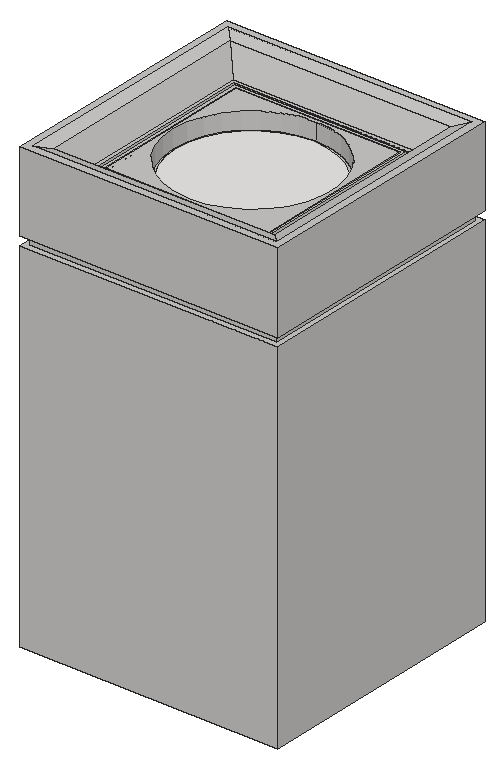
Revit family "Lighting-Luminii-Leto_44_S_MID new", category Lighting Fixtures, host Face, Revit 2020
Family settings
  Host = Face
  Round Connector Dimension = Use Diameter
  Part Type = Normal
  OmniClass Number = 23.80.70.11.14.11
  OmniClass Title = Downlights
  Cut with Voids When Loaded = No
  Light Source = Yes
  Shared = Yes
  Room Calculation Point = No
Parameters (values of type "Leto 44 S MID")
  Width = 0' - 3 189/256"  # constant formula
  Wattage Comments = "6.5W"
  Wattage = 6.49954 W
  Warranty URL = "https://www.luminii.com/terms-conditions/"
  built-in parameter 1150110 = 1 (stored number, unit not read)
  Voltage Comments = "120V | 277V | 347V"  # constant formula
  Voltage = 120 V
  Version = "2020 - v1.0a"  # constant formula
  URL = "https://www.luminii.com/"
  built-in parameter 1114217 = 1 (stored number, unit not read)
  Tilt Angle = -90.00°  # constant formula
  built-in parameter 1150109 = 1 (stored number, unit not read)
  built-in parameter 1150134 = (empty or 0)
  built-in parameter 1150113 = 1 (stored number, unit not read)
  Support Phone = "224-699-9545"  # constant formula
  Support Email = "mailto:support@bimsmith.com"
  Product Page URL = "https://www.luminii.com/product/leto-44-s-mid/"
  Power Source Type = "Driver"  # constant formula
  Power Factor = 1
  Photometric Web File = "704-A90-615-30-15-00.ies"
  Phase = 1
  Operating Temperature = "Consult Manufacturer Website for more Information"  # constant formula
  Number of Poles = if(and(or(Voltage = 120 V, Voltage = 277 V), Phase = 1), 1, if(and(or(Voltage = 208 V, Voltage = 240 V), Phase = 1), 2, if(and(or(Voltage = 208 V, Voltage = 240 V), Phase = 3), 3, if(and(Voltage > 300 V, Phase = 1), 2, if(and(Voltage > 400 V, Phase = 3), 3, 1)))))  # 1
  Mounting Method = "Ceiling Mount"  # constant formula
  Model = "704"  # constant formula
  Manufacturer Phone Number = "403-216-7043"  # constant formula
  Manufacturer Email = "mailto: info@sensolighting.com"
  Manufacturer Address = "302 50 Ave SE. Calgary, Alberta, T2G 2A9 Canada"  # constant formula
  Manufacturer = "Luminii"  # constant formula
  built-in parameter 1150105 = 55.704 (stored number, unit not read)
  Lumens = 700 lm
  Luminaire Type = "Surface Mount LED Downlight"  # constant formula
  built-in parameter 1150115 = 1 (stored number, unit not read)
  Load Classification = Lighting
  built-in parameter 1150137 = (empty or 0)
  built-in parameter 1150139 = (empty or 0)
  Lens Material = Plastic - Luminii - Frosted Lens
  built-in parameter 1150112 = 1 (stored number, unit not read)
  built-in parameter 1150114 = 1 (stored number, unit not read)
  Lamp Life = 1
  Lamp = "LED"  # constant formula
  Keynote = "26 50 00"
  built-in parameter 1150132 = 2
  built-in parameter 1150102 = (empty or 0)
  built-in parameter 1150107 = 3500 (stored number, unit not read)
  Initial Color Comments = "Perfomance based on 3500K Photometric Web File"  # constant formula
  built-in parameter 1150138 = (empty or 0)
  built-in parameter 1150106 = 0.55704 (stored number, unit not read)
  Housing Protection Rating = "Consult Manufacturer Website for more Information"  # constant formula
  Height = 0' - 6 1/2"  # constant formula
  Has Dimming = 1 = 1  # yes
  Has Battery Backup = 0 = 1  # no
  Frequency Comments = ""  # constant formula
  Frequency = 60 Hz
  Finish = Metal - Luminii - Silver Anodized Aluminum
  Environment = "Indoor"  # constant formula
  built-in parameter 1150104 = 10.006 (stored number, unit not read)
  Dimming Type = "Consult Manufacturer Website for more Information"  # constant formula
  Dimming Lamp Color Temperature Shift = <None>
  Description = "Surface Mount LED Downlight"  # constant formula
  Depth = 0' - 3 189/256"  # constant formula
  Default Elevation = 0' - 0"  # constant formula
  Current Amps = 50 A
  Copyright = "©2024 Luminii"  # constant formula
  Control Zone = "Consult Manufacturer Website for more Information"  # constant formula
  Control Type = "Consult Manufacturer Website for more Information"  # constant formula
  Constraints = 1  # constant formula
  Color Filter = 16777215
  built-in parameter 1114216 [instance] = 0  # (empty or 0)
  Canopy Finish = Metal - Luminii - Silver Anodized Aluminum
  built-in parameter 1140040 [instance] = 1 = 1  # 1
  CCT = "3500K"
  built-in parameter 1114218 = 1 (stored number, unit not read)
  built-in parameter 1150133 = 10 (stored number, unit not read)
  Assembly Code = "D5020200"
  Apparent Load = Wattage / Power Factor  # 6.49954 VA
Reference planes (in)
  plane 1 "Center (Front/Back)": y = 0
  plane 2: z = 0
  plane 3 "Center (Left/Right)": x = 0
  plane 4: x = 0
  plane 5: x = 0
  plane 6: y = 1.86914
  plane 7: y = -1.86914
  plane 8 "A": z = 0
  plane 9: z = 6.5
Forms (in)
  Extrusion 1, solid, material "Metal - Luminii - Silver Anodized Aluminum", not visible
    sketch origin (0, 0, 0) x (1, 0, 0) y (0, 1, 0)
      loop
        circle (0, 0) r 0.5
    from 0 to -0.17225
Dimensions and locks (in)
  equal spacing: plane 4, plane 3 "Center (Left/Right)", plane 5
  equal spacing: plane 6, plane 1 "Center (Front/Back)", plane 7
  plane 4 to plane 5 = 0' - 0"
  "Width": plane 6 to plane 7
  "Height": plane 9 to plane 8 "A"
  locked: plane 9 to imposter light at 0.58258
  aligned and locked: plane 2 to host face
  aligned and locked: plane 3 "Center (Left/Right)" to Extrusion 1 sketch curve
  aligned and locked: plane 1 "Center (Front/Back)" to Extrusion 1 sketch curve
  aligned and locked: plane 2 to Extrusion 1  (x2)
  aligned and locked: imposter light to plane 3 "Center (Left/Right)"
  aligned and locked: imposter light to plane 1 "Center (Front/Back)"
  aligned and locked: plane 3 "Center (Left/Right)" to nested 1
  aligned and locked: plane 1 "Center (Front/Back)" to nested 1
  aligned and locked: plane 8 "A" to host face
Automatic sketch dimensions
  host sketch curve to host sketch curve = 8' - 0"  (x2)
  radius of Extrusion 1 sketch curve = 0' - 0 1/2"
Nested families (in)
  nested 1: "Nested - Lamp" at (0, 0, 0), type "Nested - Lamp"
Connectors (in)
  electrical at (0, 0, 0), driven by "Number of Poles", driven by "Load Classification", driven by "Voltage", driven by "Apparent Load", driven by "Power Factor"
    settings: on Extrusion 1, index 1, voltage 120 V, apparent load 6.49954 VA, apparent load phase1 0 VA, apparent load phase2 0 VA, apparent load phase3 0 VA, power factor 1, load classification "Lighting", number of poles 1, system type 30, power factor state 1, is connector primary yes, connector utility no, sub classification motor no, connector description "Power Connection"
Definition of nested family "Nested - Lamp"
  Parameters (values of type "Nested - Lamp")
    Width = 0' - 3.74016"  # constant formula
    Screen Material = none
    Inner Screen = none
    Height = 0' - 6.49606"  # constant formula
    Finish = none
    Default Elevation = 4' - 0"
    Constraint = 3
  Reference planes (in)
    plane 1 "Center (Front/Back)": y = 0
    plane 2: z = 0
    plane 3 "Center (Left/Right)": x = 0
    plane 4: y = 1.87008
    plane 5: y = -1.87008
    plane 6: x = -1.87008
    plane 7: x = 1.87008
    plane 8: z = 6.49606
  Forms (in)
    Extrusion 1, solid
      sketch origin (0, 0, 0) x (1, 0, 0) y (0, 1, 0)
        loop
          line (-48, 48) -> (-48, -48) -> (48, -48) -> (48, 48) -> (-48, 48)
      from 0 to -12
    Sweep 2, solid, material <- "Finish", detail levels medium+fine
      path origin (-0.03362, 1.25, 6.49606) x (0, 1, 0) y (-1, 0, 0)
        loop
          line (0.62008, -1.9037) -> (0.62008, 1.83645) -> (-3.12008, 1.83645) -> (-3.12008, -1.9037) -> (0.62008, -1.9037)
      profile origin (1.87008, 0, 6.49606) x (1, 0, 0) y (0, 0, 1)
        loop
          line (0, -6.49606) -> (0, -1.27953) -> (-0.07874, -1.27953) -> (-0.07874, -1.16142) -> (0, -1.16142) -> (0, 0) -> (-0.10635, 0) -> (-0.27543, -0.05067) -> (-0.47227, -0.3937) -> (-0.53051, -0.3937) -> (-0.54899, -0.60489)
          arc (-0.54899, -0.60489) -> (-0.57675, -0.62619) -> (-0.60039, -0.60039) r 0.0259
          line (-0.60039, -0.60039) -> (-0.63719, -0.33858) -> (-0.68091, -0.33858) -> (-0.72263, -0.3546) -> (-0.72263, -0.79506) -> (-0.21654, -0.79506) -> (-0.21654, -6.29921) -> (-0.07874, -6.29921) -> (-0.07874, -6.49606) -> (0, -6.49606)
    Extrusion 3, solid, material <- "Screen Material"
      sketch origin (0, 0.00018, 5.76097) x (1, 0, 0) y (0, 1, 0)
        loop
          circle (0, 0) r 1.10584
      from 0.14567 to 0.15757
    Extrusion 4, solid, material <- "Finish"
      sketch origin (1.59205, 1.59223, 6.38893) x (0, -1, 0) y (1, 0, 0)
        loop
          circle (1.59205, -1.59205) r 1.14745
        loop
          line (2.78122, -2.78122) -> (2.78122, -0.40289) -> (0.40289, -0.40289) -> (0.40289, -2.78122) -> (2.78122, -2.78122)
      from -0.48228 to -0.23031
    Extrusion 5, solid, material <- "Finish"
      sketch origin (1.59205, 1.59223, 6.38893) x (0, -1, 0) y (1, 0, 0)
        loop
          circle (1.59205, -1.59205) r 1.14745
      from -0.48228 to -0.62795
    Extrusion 6, solid, material <- "Finish"
      sketch origin (-0.03362, 1.25, 8.28705) x (0, 1, 0) y (-1, 0, 0)
        loop
          line (-3.06102, -1.84465) -> (0.56102, -1.84465) -> (0.56102, 1.7774) -> (-3.06102, 1.7774) -> (-3.06102, -1.84465)
        loop
          line (-2.4311, -0.30922) -> (-1.84055, -0.30922)
          arc (-1.84055, -0.30922) -> (-1.61784, -0.40147) -> (-1.52559, -0.62418) r 0.31496
          line (-1.52559, -0.62418) -> (-1.52559, -1.21473)
          arc (-1.52559, -1.21473) -> (-1.25, -1.49032) -> (-0.97441, -1.21473) r 0.27559
          line (-0.97441, -1.21473) -> (-0.97441, -0.62418)
          arc (-0.97441, -0.62418) -> (-0.88216, -0.40147) -> (-0.65945, -0.30922) r 0.31496
          line (-0.65945, -0.30922) -> (-0.0689, -0.30922)
          arc (-0.0689, -0.30922) -> (0.20669, -0.03362) -> (-0.0689, 0.24197) r 0.27559
          line (-0.0689, 0.24197) -> (-0.65945, 0.24197)
          arc (-0.65945, 0.24197) -> (-0.88216, 0.33422) -> (-0.97441, 0.55693) r 0.31496
          line (-0.97441, 0.55693) -> (-0.97441, 1.14748)
          arc (-0.97441, 1.14748) -> (-1.25, 1.42307) -> (-1.52559, 1.14748) r 0.27559
          line (-1.52559, 1.14748) -> (-1.52559, 0.55693)
          arc (-1.52559, 0.55693) -> (-1.61784, 0.33422) -> (-1.84055, 0.24197) r 0.31496
          line (-1.84055, 0.24197) -> (-2.4311, 0.24197)
          arc (-2.4311, 0.24197) -> (-2.70669, -0.03362) -> (-2.4311, -0.30922) r 0.27559
      from -8.1649 to -8.0902
    Extrusion 7, solid, material <- "Finish"
      sketch origin (-0.03362, 1.25, 8.28705) x (0, 1, 0) y (-1, 0, 0)
        loop
          line (-3.06102, -1.84465) -> (0.56102, -1.84465) -> (0.56102, 1.7774) -> (-3.06102, 1.7774) -> (-3.06102, -1.84465)
        loop
          arc (-0.48507, -0.44078) -> (-0.38346, -0.03362) -> (-0.48507, 0.37353) r 0.86654
          arc (-0.48507, 0.37353) -> (-0.58858, 0.40015) -> (-0.62431, 0.29942) r 0.07918
          arc (-0.62431, 0.29942) -> (-0.5412, -0.03362) -> (-0.62431, -0.36667) r 0.7088
          arc (-0.62431, -0.36667) -> (-0.58858, -0.4674) -> (-0.48507, -0.44078) r 0.07918
        loop
          arc (-2.01493, -0.44078) -> (-1.91142, -0.4674) -> (-1.87569, -0.36667) r 0.07918
          arc (-1.87569, -0.36667) -> (-1.9588, -0.03362) -> (-1.87569, 0.29942) r 0.7088
          arc (-1.87569, 0.29942) -> (-1.91142, 0.40015) -> (-2.01493, 0.37353) r 0.07918
          arc (-2.01493, 0.37353) -> (-2.11654, -0.03362) -> (-2.01493, -0.44078) r 0.86654
        loop
          arc (-1.65716, 0.73131) -> (-1.68378, 0.62779) -> (-1.58304, 0.59206) r 0.07918
          arc (-1.58304, 0.59206) -> (-1.25, 0.67518) -> (-0.91696, 0.59206) r 0.7088
          arc (-0.91696, 0.59206) -> (-0.81622, 0.62779) -> (-0.84284, 0.73131) r 0.07918
          arc (-0.84284, 0.73131) -> (-1.25, 0.83292) -> (-1.65716, 0.73131) r 0.86654
        loop
          arc (-1.65716, -0.79856) -> (-1.25, -0.90017) -> (-0.84284, -0.79856) r 0.86654
          arc (-0.84284, -0.79856) -> (-0.81622, -0.69504) -> (-0.91696, -0.65931) r 0.07918
          arc (-0.91696, -0.65931) -> (-1.25, -0.74243) -> (-1.58304, -0.65931) r 0.7088
          arc (-1.58304, -0.65931) -> (-1.68378, -0.69504) -> (-1.65716, -0.79856) r 0.07918
      from -7.77524 to -7.71544
    Sweep 8, solid, material <- "Finish", detail levels coarse
      path origin (-0.03362, 1.25, 6.49606) x (0, 1, 0) y (-1, 0, 0)
        loop
          line (0.62008, -1.9037) -> (0.62008, 1.83645) -> (-3.12008, 1.83645) -> (-3.12008, -1.9037) -> (0.62008, -1.9037)
      profile origin (1.87008, 0, 6.49606) x (1, 0, 0) y (0, 0, 1)
        loop
          line (0, -6.49606) -> (0, 0) -> (-0.10635, 0) -> (-0.68091, -0.17218) -> (-0.68091, -0.79506) -> (-0.21654, -0.79506) -> (-0.21654, -6.29921) -> (-0.07874, -6.29921) -> (-0.07874, -6.49606) -> (0, -6.49606)
  Lines and regions (in)
    reference lines
      curve 1: line (0, 0.18551, 6.0315) -> (0, -0.18551, 6.0315)
  Dimensions and locks (in)
    "Height": plane 8 to Extrusion 1
    equal spacing: plane 4, plane 1 "Center (Front/Back)", plane 5
    "Width": plane 4 to plane 5
    equal spacing: plane 6, plane 3 "Center (Left/Right)", plane 7
    "Width": plane 6 to plane 7
    aligned and locked: plane 2 to Extrusion 1
    aligned and locked: level to Extrusion 1
    aligned and locked: Sweep 2 sketch curve to plane 7
    aligned and locked: plane 6 to Sweep 2 sketch curve
    aligned and locked: Sweep 2 sketch curve to plane 4
    aligned and locked: plane 5 to Sweep 2 sketch curve
  Automatic sketch dimensions
    Extrusion 1 sketch curve to Extrusion 1 sketch curve = 8' - 0"  (x2)
    Sweep 2 sketch curve to plane 8 = 0' - 0"
    profile plane to Sweep 2 sketch curve = 0' - 0"  (x2)
    Sweep 2 sketch curve to Sweep 2 sketch curve = 0' - 0.07874"  (x2)
    profile plane to Sweep 2 sketch curve = 0' - 0.21654"
    Sweep 2 sketch curve to plane 8 = 0' - 0.05067"
    profile plane to Sweep 2 sketch curve = 0' - 0.27543"
    Sweep 2 sketch curve to Sweep 2 sketch curve = 0' - 0.19684"
    Sweep 2 sketch curve to Sweep 2 sketch curve = 0' - 0.05825"
    Sweep 2 sketch curve to Sweep 2 sketch curve = 0' - 0.01848"
    Sweep 2 sketch curve to Sweep 2 sketch curve = 0' - 0.0255"
    Sweep 2 sketch curve to Sweep 2 sketch curve = 0' - 0.0259"
    Sweep 2 sketch curve to Sweep 2 sketch curve = 0' - 0.10667"
    Sweep 2 sketch curve to Sweep 2 sketch curve = 0' - 0.04373"
    Sweep 2 sketch curve to Sweep 2 sketch curve = 0' - 0.12224"
    Sweep 2 sketch curve to plane 8 = 0' - 0.33858"
    Sweep 2 sketch curve to Sweep 2 sketch curve = 0' - 0.01601"
    Sweep 2 sketch curve to Sweep 2 sketch curve = 0' - 0.05512"
    Sweep 2 sketch curve to Sweep 2 sketch curve = 0' - 0.20669"
    Sweep 2 sketch curve to Sweep 2 sketch curve = 0' - 0.19467"
    Sweep 2 sketch curve to Sweep 2 sketch curve = 0' - 0.36636"
    Sweep 2 sketch curve to Sweep 2 sketch curve = 0' - 0.11811"
    Sweep 2 sketch curve to Sweep 2 sketch curve = 0' - 5.01969"
    Sweep 2 sketch curve to Sweep 2 sketch curve = 0' - 0.19685"
    Sweep 2 sketch curve to Sweep 2 sketch curve = 0' - 0.10635"
    Extrusion 6 sketch curve to plane 3 "Center (Left/Right)" = 0' - 0"  (x2)
    plane 1 "Center (Front/Back)" to Extrusion 6 sketch curve = 0' - 0"  (x2)
    plane 1 "Center (Front/Back)" to Extrusion 6 sketch curve = 0' - 0.27559"  (x2)
    Extrusion 6 sketch curve to Extrusion 6 sketch curve = 0' - 0.31496"  (x4)
    plane 3 "Center (Left/Right)" to Extrusion 6 sketch curve = 0' - 0.27559"
    Extrusion 6 sketch curve to Extrusion 6 sketch curve = 0' - 0.59055"  (x4)
    Extrusion 6 sketch curve to plane 5 = 0' - 0.05906"
    Extrusion 6 sketch curve to plane 3 "Center (Left/Right)" = 0' - 0.27559"
    Extrusion 6 sketch curve to plane 4 = 0' - 0.05906"
    Extrusion 6 sketch curve to plane 7 = 0' - 0.05906"
    Extrusion 6 sketch curve to plane 6 = 0' - 0.05906"
    Extrusion 7 sketch curve to Extrusion 7 sketch curve = 0' - 0"  (x58)
    plane 1 "Center (Front/Back)" to Extrusion 7 sketch curve = 0' - 0"
    Extrusion 7 sketch curve to plane 3 "Center (Left/Right)" = 0' - 0"
    plane 1 "Center (Front/Back)" to Extrusion 7 sketch curve = 0' - 0.36388"  (x2)
    Extrusion 7 sketch curve to Extrusion 7 sketch curve = 0' - 0.33475"  (x8)
    Extrusion 7 sketch curve to plane 5 = 0' - 0.05906"
    Extrusion 7 sketch curve to plane 1 "Center (Front/Back)" = 0' - 0.36388"  (x2)
    plane 3 "Center (Left/Right)" to Extrusion 7 sketch curve = 0' - 0.36388"  (x2)
    Extrusion 7 sketch curve to plane 4 = 0' - 0.05906"
    Extrusion 7 sketch curve to plane 7 = 0' - 0.05906"
    Extrusion 7 sketch curve to plane 3 "Center (Left/Right)" = 0' - 0.36388"  (x2)
    Extrusion 7 sketch curve to plane 6 = 0' - 0.05906"
    Extrusion 7 sketch curve to Extrusion 7 sketch curve = 0' - 0.03084"  (x4)
    Extrusion 7 sketch curve to Extrusion 7 sketch curve = 0' - 0.04328"  (x4)
    Extrusion 7 sketch curve to Extrusion 7 sketch curve = 0' - 0.07293"  (x6)
    Extrusion 7 sketch curve to Extrusion 7 sketch curve = 0' - 0.06631"  (x2)
    plane 5 to Sweep 8 sketch curve = 0' - 0"
    Sweep 8 sketch curve to plane 4 = 0' - 0"
    Sweep 8 sketch curve to plane 7 = 0' - 0"
    Sweep 8 sketch curve to plane 6 = 0' - 0"
    Sweep 8 sketch curve to plane 8 = 0' - 0"
    profile plane to Sweep 8 sketch curve = 0' - 0"
    profile plane to Sweep 8 sketch curve = 0' - 0.07874"
    Sweep 8 sketch curve to Sweep 8 sketch curve = 0' - 0.1378"
    Sweep 8 sketch curve to plane 8 = 0' - 0.17218"
    profile plane to Sweep 8 sketch curve = 0' - 0.68091"
    Sweep 8 sketch curve to Sweep 8 sketch curve = 0' - 0.62288"
    Sweep 8 sketch curve to Sweep 8 sketch curve = 0' - 5.50415"
    Sweep 8 sketch curve to Sweep 8 sketch curve = 0' - 0.19685"
    Sweep 8 sketch curve to Sweep 8 sketch curve = 0' - 0.10635"
    plane 1 "Center (Front/Back)" to curve 1 = 0' - 0.18551"
    curve 1 to plane 8 = 0' - 0.46457"
    curve 1 to plane 1 "Center (Front/Back)" = 0' - 0.18551"
    Extrusion 3 sketch curve to plane 3 "Center (Left/Right)" = 0' - 0"
    Extrusion 3 sketch curve to plane 1 "Center (Front/Back)" = 0' - 0.00018"
    Extrusion 4 sketch curve to plane 3 "Center (Left/Right)" = 0' - 0"
    Extrusion 4 sketch curve to plane 4 = 0' - 0.68074"
    Extrusion 4 sketch curve to plane 1 "Center (Front/Back)" = 0' - 0.00018"
    Extrusion 4 sketch curve to plane 5 = 0' - 0.68109"
    Extrusion 4 sketch curve to plane 6 = 0' - 0.68091"
    Extrusion 4 sketch curve to plane 7 = 0' - 0.68091"
    Extrusion 5 sketch curve to plane 3 "Center (Left/Right)" = 0' - 0"
    Extrusion 5 sketch curve to plane 1 "Center (Front/Back)" = 0' - 0.00018"
    radius of Extrusion 3 sketch curve = 0' - 1.10584"
    radius of Extrusion 4 sketch curve = 0' - 1.14745"
    radius of Extrusion 5 sketch curve = 0' - 1.14745"
